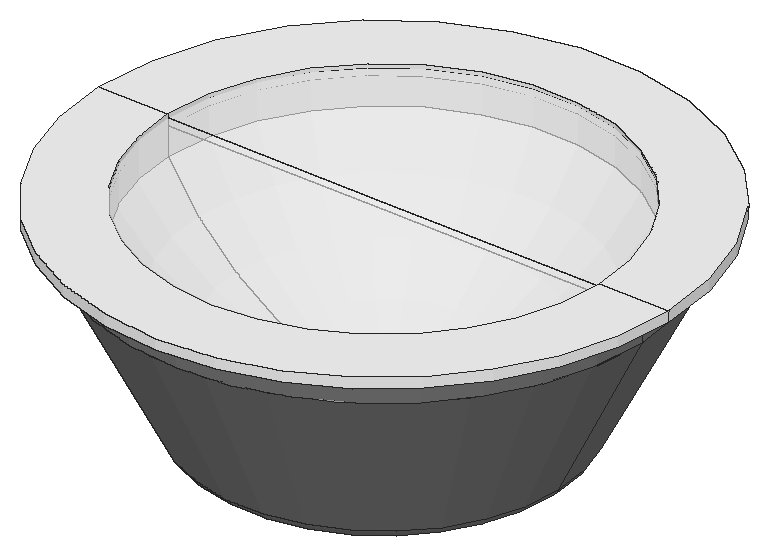
Revit family "30529", category Lighting Fixtures, host Face, Revit 2018
Family settings
  Host = Face
  Round Connector Dimension = Use Diameter
  Part Type = Normal
  OmniClass Number = 23.80.70.00
  OmniClass Title = Lighting
  Cut with Voids When Loaded = No
  Light Source = Yes
  Shared = No
  Room Calculation Point = No
Parameters (values of type "0030529 INSAVER SLIM UGR19 IP65 150 1200LM 840")
  WidthBezel_SYL = if(Size1_SYL, 20 mm, if(Size2_SYL, 20 mm, if(Size3PIR_SYL, 30 mm, if(Size4_SYL, 20 mm, 20 mm))))  # 20 mm
  Weight = "n/a"
  Wattage Comments = ""
  Wattage = 9 W
  WarrantyStartDate [instance] = "n/a"
  WarrantyGuarantorParts = "n/a"
  WarrantyDurationUnit = "n/a"
  WarrantyDurationParts = ""
  WarrantyDescription = "http://www.sylvania-lighting.com"
  built-in parameter 1150110 = 1 (stored number, unit not read)
  Voltage = 230 V
  VisibilityPIR_SYL = Size3PIR_SYL  # no
  URL = "0.9"
  TypeName = "Insaver Slim UGR19 IP65 150 1200lm 840"
  Type Image = <None>
  Type Comments = "n/a"
  built-in parameter 1114217 = 1 (stored number, unit not read)
  Tilt Angle = -90.00°
  built-in parameter 1150109 = 1 (stored number, unit not read)
  built-in parameter 1150134 = (empty or 0)
  built-in parameter 1150113 = 1 (stored number, unit not read)
  Size4_SYL = no
  Size3PIR_SYL = no
  Size2_SYL = no
  Size1_SYL = yes
  SerialNumber [instance] = "n/a"
  RadiusTop_SYL = 6 mm
  RadiusReflector_SYL = if(Size1_SYL, 85 mm, if(Size2_SYL, 85 mm, if(Size3PIR_SYL, 85 mm, if(Size4_SYL, 100 mm, 120 mm))))  # 85 mm
  Photometric Web File = "0030529.IES"
  Material_3_FEILO = Top-Sylvania-STARTDownlight
  PowerFactor = 0.9
  PowerConsumption = "Lighting"
  NominalLength = 165 mm
  NominalHeight = 50 mm
  NominalDepth = 165 mm
  Name = "Insaver Slim UGR19 IP65 150 1200lm 840"
  ModelReference = Name  # "Insaver Slim UGR19 IP65 150 1200lm 840"
  ModelNumber = "0030529"
  Model = Name  # "Insaver Slim UGR19 IP65 150 1200lm 840"
  Material = "Feilo Sylvania"
  ManufacturerName = "126 lm/W"
  Manufacturer = ""
  LuminousEfficacy = ""
  built-in parameter 1150105 = 83.795 (stored number, unit not read)
  Lumens = 1053 lm
  LuminaireType = "0"
  built-in parameter 1150115 = 1 (stored number, unit not read)
  LightOutputRatio = "LED"
  built-in parameter 1150137 = (empty or 0)
  built-in parameter 1150139 = (empty or 0)
  LampsType = Lamp  # "n/a"
  LampNominalLuminous = "4000 K"
  LampMacAdamStep = "80"
  LampColourTemperature = "LED"
  LampColourRenderingIndex = "16500"
  built-in parameter 1150112 = 1 (stored number, unit not read)
  built-in parameter 1150114 = 1 (stored number, unit not read)
  Lamp = "n/a"
  Keynote = "n/a"
  InstallationDate [instance] = "n/a"
  InputVoltage = "0"
  InputNominalFrequency = "4000"
  built-in parameter 1150132 = (empty or 0)
  built-in parameter 1150102 = (empty or 0)
  built-in parameter 1150107 = 3000 (stored number, unit not read)
  built-in parameter 1150138 = (empty or 0)
  IngressProtection = "IfcLightFixtureType"
  ImpactProtectionIndex = "IfcLightFixtureType"
  built-in parameter 1150106 = 0.83795 (stored number, unit not read)
  IfcExportType = "IfcLightFixtureType"
  IfcExportAs = "Class II"
  Height_SYL = if(Size1_SYL, 61 mm, if(Size2_SYL, 61 mm, if(Size3PIR_SYL, 61 mm, if(Size4_SYL, 61 mm, 60 mm))))  # 61 mm
  HeightBezel_SYL = if(Size1_SYL, 3 mm, if(Size2_SYL, 3 mm, if(Size3PIR_SYL, 3 mm, if(Size4_SYL, 3.2 mm, 3 mm))))  # 3 mm
  ExpectedLife = 50000
  Emit from Circle Diameter = Diameter_SYL - 40 mm  # 125 mm
  Emit Shape Visible in Rendering = no
  ElectricShockClassification = "126"
  built-in parameter 1150104 = 10.87 (stored number, unit not read)
  DurationUnit = "hours"
  DocumentationLiterature = "http://www.sylvania-lighting.com/product/en-int/products/0030529"
  DimmingControlOptions = "n/a"
  Material_2_FEILO = Diffuser-Sylvania-STARTDownlight
  Dimming Lamp Color Temperature Shift = <None>
  Diameter_SYL = if(Size1_SYL, 165 mm, if(Size2_SYL, 190 mm, if(Size3PIR_SYL, 211 mm, if(Size4_SYL, 220 mm, 240 mm))))  # 165 mm
  DiameterTop_SYL = if(Size1_SYL, 98 mm, if(Size2_SYL, 122 mm, if(Size3PIR_SYL, 120 mm, if(Size4_SYL, 135 mm, 158 mm))))  # 98 mm
  DiameterTopBase_SYL = DiameterRecess_SYL  # 150 mm
  DiameterRecess_SYL = if(Size1_SYL, 150 mm, if(Size2_SYL, 170 mm, if(Size3PIR_SYL, 186 mm, if(Size4_SYL, 200 mm, 225 mm))))  # 150 mm
  Description = "Insaver Slim is a ceiling recessed LED downlight (IP65 from the front and back),Die-cast aluminium body, loop in loop out connector for quick installation, Non dimmable LED driver, 9.5W; 1200lm; 126lm/W; 4000K; UGR <19 with shallow product depth 50mm.IK07 for the fixture, IK03 for the IP driver box. When using with EM kit (0046600& 0046601), protection IP65  kept only from the front. Meets TP(a) requirements."
  Default Elevation = 1219.2 mm
  CreatedOn = "05/03/2024"
  CreatedBy = "@sylvania-lighting.com"
  Cost = 0
  Color Filter = 16777215
  built-in parameter 1114216 [instance] = (empty or 0)
  ClassificationValue = "EF_70_80"
  ClassificationName = "Uniclass2015"
  Material_1_FEILO = Trim-Sylvania-STARTDownlight-White
  BarCode [instance] = "n/a"
  built-in parameter 1114218 = 1 (stored number, unit not read)
  built-in parameter 1150133 = 10 (stored number, unit not read)
  AssetType = "Fixed"
  AssetIdentifier [instance] = "n/a"
  Assembly Code = "D5020200"
  Apparent Load = 9.5 VA
  Material_4_FEILO = LED-Sylvania-STARTDownlight
Reference planes
  plane 1 "Center (Front/Back)": y = 0
  plane 2: z = 0
  plane 3 "Center (Left/Right)": x = 0
  plane 4: x = 82.5
  plane 5: x = -82.5
  plane 6: z = 3
  plane 7: z = -8
  plane 8: z = -58
  plane 9: x = -75
  plane 10: x = 75
  plane 11: x = -49
  plane 12: x = 49
  plane 13: z = -85
  plane 14: x = -62.5
  plane 15: z = 2
  plane 16: z = -46
  plane 17: x = -16
  plane 18: x = -67.5
  plane 19: x = -81.5
  plane 20: x = -99.5
  plane 21: x = -76.5
  plane 22: z = 5.5
  plane 23: z = 8.7
  plane 24: x = -75.5
  plane 25: z = 13.7
Forms (mm)
  Revolve 1, void
    sketch origin (0, 0, 0) x (1, 0, 0) y (0, 0, 1)
      loop
        line (0, 0) -> (-75, 0) -> (-75, -85) -> (0, -85) -> (0, 0)
      axis (0, 0) -> (0, -85)
    angle from 360 to 0
  Revolve 2, solid, material "Trim-Sylvania-STARTDownlight-White" <- "Material_1_FEILO"
    sketch origin (0, 0, 0) x (1, 0, 0) y (0, 0, 1)
      loop
        line (-62.5, 3) -> (-82.5, 3) -> (-82.5, 0) -> (-75, 0) -> (-75, -8) -> (-50.681, -54.768)
        arc (-50.681, -54.768) -> (-48.471, -57.129) -> (-45.357, -58) r 6
        line (-45.357, -58) -> (0, -58) -> (0, -46) -> (-16, -46)
        arc (-16, -46) -> (-42.718, -31.243) -> (-62.5, -8) r 85
        line (-62.5, -8) -> (-62.5, 3)
      axis (0, 3) -> (0, -58)
    angle from 360 to 0
  Revolve 3, solid, material "Diffuser-Sylvania-STARTDownlight" <- "Material_2_FEILO"
    sketch origin (0, 0, 0) x (1, 0, 0) y (0, 0, 1)
      loop
        line (-62.5, 0) -> (0, 0) -> (0, 2) -> (-62.5, 2) -> (-62.5, 0)
      axis (0, 2) -> (0, 0)
    angle from 360 to 0
  Revolve 4, solid, material "Trim-Sylvania-STARTDownlight-White" <- "Material_1_FEILO", visible <- "VisibilityPIR_SYL"
    sketch origin (0, 0, 0) x (1, 0, 0) y (0, 0, 1)
      loop
        line (-67.5, 3) -> (-67.5, 13.7)
        arc (-67.5, 13.7) -> (-72.217, 12.347) -> (-75.5, 8.7) r 8.9
        line (-75.5, 8.7) -> (-75.5, 5.5) -> (-76.5, 5.5) -> (-76.5, 3) -> (-67.5, 3)
      axis (-67.5, 13.7) -> (-67.5, 3)
    angle from 360 to 0
Dimensions and locks
  equal spacing: plane 4, plane 3 "Center (Left/Right)", plane 5
  "Diameter_SYL": plane 4 to plane 5
  equal spacing: plane 10, plane 3 "Center (Left/Right)", plane 9
  equal spacing: plane 12, plane 3 "Center (Left/Right)", plane 11
  "DiameterTop_SYL": plane 12 to plane 11
  "HeightBezel_SYL": plane 6 to plane 2
  "Height_SYL": plane 6 to plane 8
  locked: plane 2 to plane 7 at 8
  locked: plane 2 to plane 13 at 85
  "WidthBezel_SYL": plane 14 to plane 5
  locked: plane 6 to plane 15 at 1
  "DiameterRecess_SYL": plane 10 to plane 9
  locked: plane 3 "Center (Left/Right)" to plane 17 at 16
  locked: plane 16 to plane 8 at 12
  locked: plane 18 to plane 21 at 9
  locked: plane 22 to plane 6 at 2.5
  locked: plane 23 to plane 22 at 3.2
  locked: plane 18 to plane 24 at 8
  locked: plane 25 to plane 23 at 5
  locked: plane 25 to Revolve 4 sketch curve at 8.9
  locked: plane 18 to plane 5 at 15
  "RadiusReflector_SYL": radius of Revolve 2 sketch curve
  "RadiusTop_SYL": radius of Revolve 2 sketch curve
  aligned and locked: plane 2 to host face
  aligned and locked: level to host face
  aligned and locked: Revolve 1 sketch curve to plane 3 "Center (Left/Right)"
  aligned and locked: plane 3 "Center (Left/Right)" to Revolve 1 sketch curve
  aligned and locked: Revolve 1 sketch curve to plane 9
  aligned and locked: plane 13 to Revolve 1 sketch curve
  aligned and locked: plane 3 "Center (Left/Right)" to imposter light
  aligned and locked: imposter light to plane 15
  aligned and locked: imposter light to plane 1 "Center (Front/Back)"
  aligned and locked: Revolve 2 sketch curve to plane 3 "Center (Left/Right)"
  aligned and locked: Revolve 2 sketch curve to plane 6
  aligned and locked: Revolve 2 sketch curve to plane 5
  aligned and locked: Revolve 2 sketch curve to level
  aligned and locked: plane 7 to Revolve 2 sketch curve  (x2)
  aligned and locked: Revolve 2 sketch curve to plane 9
  aligned and locked: plane 8 to Revolve 2 sketch curve
  aligned and locked: Revolve 2 sketch curve to plane 14
  aligned and locked: plane 3 "Center (Left/Right)" to Revolve 2 sketch curve
  aligned and locked: Revolve 2 sketch curve to plane 16
  aligned and locked: Revolve 3 sketch curve to plane 3 "Center (Left/Right)"
  aligned and locked: Revolve 3 sketch curve to level
  aligned and locked: imposter light to Revolve 3 sketch curve  (x2)
  aligned and locked: Revolve 4 sketch curve to plane 18  (x2)
  aligned and locked: Revolve 4 sketch curve to plane 6
  aligned and locked: plane 22 to Revolve 4 sketch curve
  aligned and locked: plane 24 to Revolve 4 sketch curve
  aligned and locked: Revolve 4 sketch curve to Revolve 4 sketch curve
  aligned and locked: plane 21 to Revolve 4 sketch curve
Automatic sketch dimensions
  host sketch curve to host sketch curve = 2438.4 mm  (x2)
  plane 13 to Revolve 1 sketch curve = 524.6 mm
  Revolve 1 sketch curve to plane 6 = 2606.058 mm
  Revolve 1 sketch curve to level = 0 mm
  Revolve 2 sketch curve to plane 17 = 0 mm
  Revolve 2 sketch curve to plane 11 = 1.681 mm
  plane 11 to Revolve 2 sketch curve = 3.643 mm
  plane 13 to Revolve 2 sketch curve = 524.6 mm
  Revolve 2 sketch curve to Revolve 2 sketch curve = 2577.983 mm
  Revolve 3 sketch curve to plane 14 = 0 mm
  plane 13 to Revolve 3 sketch curve = 524.6 mm
  Revolve 3 sketch curve to plane 6 = 2606.058 mm
  Revolve 4 sketch curve to plane 23 = 0 mm
  plane 13 to Revolve 4 sketch curve = 524.6 mm
  Revolve 4 sketch curve to Revolve 4 sketch curve = 2595.358 mm
Connectors
  electrical at (0, 0, 0), driven by "Apparent Load", driven by "PowerFactor", driven by "Voltage"
    settings: index 1, voltage 230 V, apparent load 9.5 VA, apparent load phase1 0 VA, apparent load phase2 0 VA, apparent load phase3 0 VA, power factor 0.9, load classification "Lighting", number of poles 1, system type 30, power factor state 1, is connector primary yes, connector utility no, sub classification motor no, connector description ""
